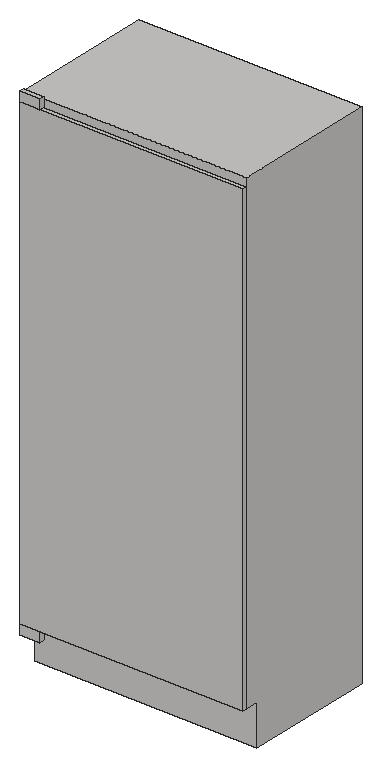
Revit family "RF491704", category Generic Models, Revit 2014
Parameters (values of type "RF491704")
  Width = 908 mm
  URL = "http://www.gaggenau.com."
  Model = "RF491704"
  Manufacturer = "Gaggenau"
  Height = 2125 mm
  Handle = Metal Panel
  Fridge = Metal Panel
  Door = Metal Panel
  Description = "Gaggenau 36\" Freezer Column with integrated ice maker"
  Depth = 608 mm
Reference planes
  plane 1 "Center (Front/Back)": y = 0
  plane 2: z = 0
  plane 3 "Center (Left/Right)": x = 0
  plane 4: z = 2125
  plane 5: x = -454
  plane 6: x = 454
  plane 7: y = 266.012
  plane 8: y = -341.988
  plane 9: z = 181
  plane 10: z = 102
  plane 11: z = 14.093
  plane 12: z = 2131
  plane 13: z = 2091
  plane 14: y = -268.988
  plane 15: y = -321.988
  plane 16: x = 393.794
Forms (mm)
  Extrusion 1, solid, material "Metal Panel" <- "Fridge"
    sketch origin (0, 0, 0) x (0, 1, 0) y (0, 0, 1)
      loop
        line (266.012, 2125) -> (-321.988, 2125) -> (-321.988, 181) -> (-268.988, 181) -> (-268.988, 14.093) -> (266.012, 14.093) -> (266.012, 2125)
    from -454 to 454
  Extrusion 2, solid, material "Metal Panel" <- "Door"
    sketch origin (0, 0, 0) x (1, 0, 0) y (0, 0, 1)
      loop
        line (-454, 181) -> (454, 181) -> (454, 2091) -> (-454, 2091) -> (-454, 181)
    from 321.988 to 341.988
  Extrusion 3, solid, material "Metal Panel" <- "Door"
    sketch origin (-828, 0, -0.35) x (1, 0, 0) y (0, 0, 1)
      loop
        line (454, 2131.35) -> (374, 2131.35) -> (374, 2091.35) -> (454, 2091.35) -> (454, 2131.35)
      loop
        line (454, 181.35) -> (374, 181.35) -> (374, 141.35) -> (454, 141.35) -> (454, 181.35)
    from 321.988 to 341.988
  Extrusion 4, solid, material "Metal Panel" <- "Fridge"
    sketch origin (0, 0, 0) x (1, 0, 0) y (0, 1, 0)
      loop
        circle (-422.403, -159.898) r 11.868
      loop
        circle (-422.403, 159.898) r 11.868
      loop
        circle (422.403, -159.898) r 11.868
      loop
        circle (422.403, 159.898) r 11.868
    from 0 to 14.093
Dimensions and locks
  "Width": plane 5 to plane 6
  plane 7 to plane 8 = 608 mm  (x2)
  plane 4 to plane 2 = 2125 mm
  plane 9 to plane 2 = 181 mm
  plane 10 to plane 2 = 102 mm
  plane 12 to plane 13 = 40 mm
  plane 14 to plane 8 = 73 mm
  plane 6 to plane 16 = 60.206 mm
  equal spacing: plane 5, plane 3 "Center (Left/Right)", plane 6
  plane 12 to plane 10 = 2029 mm
  aligned and locked: level to plane 2
  aligned and locked: plane 5 to Extrusion 1
  aligned and locked: plane 6 to Extrusion 1
  aligned and locked: Extrusion 2 to plane 8
  aligned and locked: Extrusion 2 to Extrusion 1
  aligned and locked: Extrusion 3 to plane 8
  aligned and locked: Extrusion 3 to Extrusion 1
  aligned and locked: plane 13 to Extrusion 2 sketch curve
  aligned and locked: plane 6 to Extrusion 2 sketch curve
  aligned and locked: plane 5 to Extrusion 2 sketch curve
Automatic sketch dimensions
  Extrusion 1 sketch curve to plane 4 = 0 mm
  Extrusion 1 sketch curve to plane 15 = 0 mm
  Extrusion 1 sketch curve to plane 9 = 0 mm
  Extrusion 1 sketch curve to plane 14 = 0 mm
  Extrusion 1 sketch curve to plane 7 = 0 mm
  Extrusion 1 sketch curve to plane 11 = 0 mm
  Extrusion 4 sketch curve to plane 5 = 31.597 mm  (x2)
  plane 16 to Extrusion 4 sketch curve = 28.608 mm  (x2)
  Extrusion 4 sketch curve to plane 14 = 109.089 mm  (x2)
  Extrusion 4 sketch curve to plane 7 = 106.114 mm  (x2)
  plane 10 to Extrusion 2 sketch curve = 79 mm
  Extrusion 3 sketch curve to plane 16 = 847.794 mm  (x2)
  Extrusion 3 sketch curve to plane 12 = 0 mm
  Extrusion 3 sketch curve to plane 6 = 828 mm  (x2)
  Extrusion 3 sketch curve to plane 9 = 0 mm
  Extrusion 3 sketch curve to plane 13 = 0 mm
  Extrusion 3 sketch curve to plane 9 = 40 mm
  radius of Extrusion 4 sketch curve = 11.868 mm  (x4)
